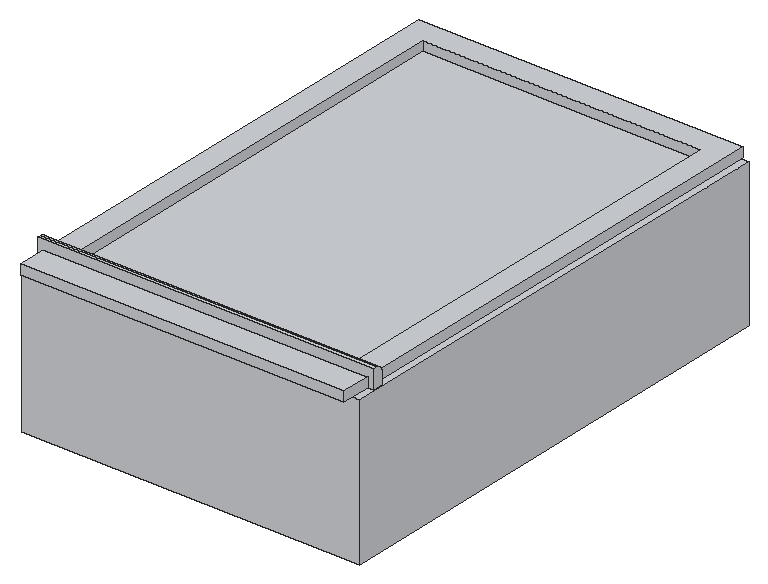
Revit family "M_Moldura-janela-interior-plana", category Modelos genéricos, Revit 2019
Family settings
  Hospedeiro = Face
  Pode hospedar o vergalhão = Não
  Cota do conector redondo = Utilizar diâmetro
  Tipo de parte = Normal
  Corte com vazios quando carregada = Não
  Compartilhado = Sim
  Ponto de cálculo do ambiente = Não
Parameters (values of type "com peitoril")
  Espessura da apara_Quadro = 30 mm
  Largura da apara = 60 mm
  Espessura da apara_com peitoril = 20 mm
  Material da apara [instance] = none
  Espessura do peitoril = 30 mm
  Peitoril = yes
  Quadro = no
  Largura da abertura [instance] = 600 mm
  Altura da abertura [instance] = 900 mm
  Elevação-padrão = 1200 mm
Types (2, lengths in mm): name | Peitoril | Quadro
  com peitoril | yes | no
  Quadro | no | yes
Reference planes
  plane 1 "Centro (Frente/Trás)": y = 0
  plane 2: z = 0
  plane 3 "Centro (Esquerda/Direita)": x = 0
  plane 4: y = 47.3
  plane 5 "Esquerda": x = -300
  plane 6 "Direita": x = 300
  plane 7 "Inferior": y = -900
  plane 8: y = -930
  plane 9: y = -980.432
  plane 10: x = 347.3
  plane 11: x = -347.3
  plane 12: z = 20
  plane 13: z = 30
  plane 14: x = 360
  plane 15: x = -360
  plane 16: y = -920.432
  plane 17: y = -947.3
  plane 18: z = 12.7
  plane 19: x = -287.3
  plane 20: y = -12.7
  plane 21: x = 287.3
  plane 22: y = -887.3
  plane 23: x = -334.6
  plane 24: x = 334.6
  plane 25: y = -450
Forms (mm)
  Extrusion 1, solid
    sketch origin (0, 0, 0) x (1, 0, 0) y (0, 1, 0)
      loop
        line (-349.25, 44.45) -> (-349.25, -958.85) -> (349.25, -958.85) -> (349.25, 44.45) -> (-349.25, 44.45)
    from 0 to -304.8
  Extrusion 2, solid, material <- "Material da apara", visible <- "Peitoril"
    sketch origin (0, 0, 0) x (1, 0, 0) y (0, 1, 0)
      loop
        line (-334.6, -900) -> (-287.3, -900) -> (-287.3, 0) -> (287.3, 0) -> (287.3, -900) -> (334.6, -900) -> (334.6, 47.3) -> (-334.6, 47.3) -> (-334.6, -900)
    from 0 to 20
  Extrusion 3, solid, material <- "Material da apara", visible <- "Peitoril"
    sketch origin (0, 0, 0) x (0, 1, 0) y (0, 0, 1)
      loop
        line (-912.7, 39.05) -> (-920.432, 39.05) -> (-920.432, 0) -> (-900, 0) -> (-900, 26.35)
        arc (-900, 26.35) -> (-903.72, 35.33) -> (-912.7, 39.05) r 12.7
    from -347.3 to 347.3
  Extrusion 4, solid, material <- "Material da apara", visible <- "Peitoril"
    sketch origin (0, 0, 0) x (1, 0, 0) y (0, 1, 0)
      loop
        line (-334.6, -920.432) -> (-334.6, -980.432) -> (334.6, -980.432) -> (334.6, -920.432) -> (-334.6, -920.432)
    from 0 to 20
  Extrusion 5, solid, material <- "Material da apara", visible <- "Quadro"
    sketch origin (0, 0, 0) x (1, 0, 0) y (0, 1, 0)
      loop
        line (-287.3, -12.7) -> (-287.3, -887.3) -> (287.3, -887.3) -> (287.3, -12.7) -> (-287.3, -12.7)
      loop
        line (-347.3, 47.3) -> (-347.3, -947.3) -> (347.3, -947.3) -> (347.3, 47.3) -> (-347.3, 47.3)
    from 0 to 30
Dimensions and locks
  equal spacing: plane 5 "Esquerda", plane 3 "Centro (Esquerda/Direita)", plane 6 "Direita"
  "Largura da abertura": plane 5 "Esquerda" to plane 6 "Direita"
  "Altura da abertura": plane 7 "Inferior" to plane 1 "Centro (Frente/Trás)"
  "Espessura do peitoril": plane 7 "Inferior" to plane 8
  "Largura da apara": plane 11 to plane 19
  "Largura da apara": plane 21 to plane 10
  "Largura da apara": plane 20 to plane 4
  "Espessura da apara_com peitoril": plane 12 to plane 2
  locked: plane 15 to plane 11 at 12.7
  locked: plane 10 to plane 14 at 12.7
  locked: plane 16 to plane 8 at 9.568
  "Largura da apara": plane 9 to plane 16
  "Largura da apara": plane 17 to plane 22
  plane 20 to plane 1 "Centro (Frente/Trás)" = 12.7 mm
  plane 5 "Esquerda" to plane 19 = 12.7 mm
  plane 21 to plane 6 "Direita" = 12.7 mm
  plane 22 to plane 7 "Inferior" = 12.7 mm
  locked: plane 11 to plane 23 at 12.7
  locked: plane 24 to plane 10 at 12.7
  equal spacing: plane 7 "Inferior", plane 25, plane 1 "Centro (Frente/Trás)"
  "Espessura da apara_Quadro": plane 13 to plane 2
  locked: Extrusion 3 to plane 12 at 19.05
  locked: plane 12 to Extrusion 3 sketch curve at 19.05
  radius of Extrusion 3 sketch curve = 12.7 mm
  aligned and locked: plane 2 to Extrusion 1
  aligned and locked: level to Extrusion 1
  aligned and locked: plane 7 "Inferior" to Extrusion 2 sketch curve  (x2)
  aligned and locked: plane 1 "Centro (Frente/Trás)" to Extrusion 2 sketch curve
  aligned and locked: plane 12 to Extrusion 2
  aligned and locked: Extrusion 3 sketch curve to level
  aligned and locked: plane 7 "Inferior" to Extrusion 3 sketch curve
  aligned and locked: plane 16 to Extrusion 4 sketch curve
  aligned and locked: plane 9 to Extrusion 4 sketch curve
  aligned and locked: Extrusion 2 sketch curve to plane 4
  aligned and locked: Extrusion 5 sketch curve to plane 4
  aligned and locked: Extrusion 5 sketch curve to plane 17
  aligned and locked: plane 10 to Extrusion 5 sketch curve
  aligned and locked: Extrusion 5 sketch curve to plane 11
  aligned and locked: plane 13 to Extrusion 5
  aligned and locked: Extrusion 5 sketch curve to plane 20
  aligned and locked: Extrusion 5 sketch curve to plane 19
  aligned and locked: Extrusion 5 sketch curve to plane 21
  aligned and locked: plane 22 to Extrusion 5 sketch curve
  aligned and locked: Extrusion 4 to plane 24
  aligned and locked: plane 11 to Extrusion 3
  aligned and locked: Extrusion 3 to plane 10
  aligned and locked: Extrusion 2 sketch curve to plane 21
  aligned and locked: Extrusion 2 sketch curve to plane 24
  aligned and locked: Extrusion 2 sketch curve to plane 19
  aligned and locked: Extrusion 2 sketch curve to plane 23
  aligned and locked: plane 12 to Extrusion 4
Automatic sketch dimensions
  Extrusion 1 sketch curve to Extrusion 1 sketch curve = 698.5 mm
  Extrusion 1 sketch curve to Extrusion 1 sketch curve = 1003.3 mm
  Extrusion 3 sketch curve to plane 16 = 0 mm
  Extrusion 4 sketch curve to plane 11 = 12.7 mm
  Extrusion 4 sketch curve to plane 24 = 0 mm
